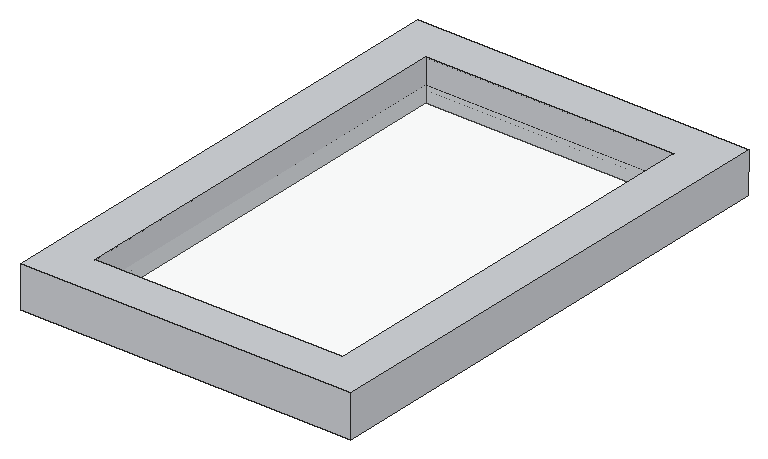
Revit family "PHLS Skylight", category Windows, host Roof, Revit 2018 (continued)
Definition of nested family "oReveal Left Side Text - Elevation"
  Lines and regions (mm)
    Filled region 11, type "Solid Fill - Blue", in view "Ref. Level"
      outline origin (241.995, 45, 0) x (1, 0, 0) y (0, 1, 0)
        loop
          line (-188.472, -33.793) -> (-171.96, -33.793) -> (-171.385, -30.991) -> (-184.475, -30.991) -> (-179.913, -8.762) -> (-183.335, -8.762) -> (-188.472, -33.793)
    Filled region 12, type "Solid Fill - Blue", in view "Ref. Level"
      outline origin (264.491, 45, 0) x (1, 0, 0) y (0, 1, 0)
        loop
          line (-188.129, -25.472) -> (-174.751, -25.472)
          spline (-174.751, -25.472) -> (-175.33, -18.793) -> (-178.232, -15.972) -> (-182.297, -15.286) -> (-185.875, -16.235) -> (-188.923, -19.053) -> (-190.829, -22.908) -> (-191.378, -26.678) -> (-190.398, -30.629) -> (-187.637, -33.408) -> (-183.785, -34.191) -> (-179.629, -32.861) -> (-175.591, -27.915)
          line (-175.591, -27.915) -> (-178.628, -27.65)
          spline (-178.628, -27.65) -> (-179.383, -29.083) -> (-180.181, -30.112) -> (-181.08, -30.842) -> (-182.086, -31.328) -> (-183.191, -31.613) -> (-184.325, -31.69) -> (-185.385, -31.524) -> (-186.294, -31.082) -> (-187.053, -30.342) -> (-187.68, -29.283) -> (-188.105, -27.762) -> (-188.129, -25.472)
        loop
          spline (-177.445, -23.161) -> (-177.526, -21.224) -> (-177.805, -19.993) -> (-178.317, -19.083) -> (-179.061, -18.396) -> (-179.944, -17.928) -> (-180.872, -17.685) -> (-181.802, -17.626) -> (-182.746, -17.748) -> (-183.806, -18.125) -> (-185.057, -18.884) -> (-186.406, -20.407) -> (-187.699, -23.161)
          line (-187.699, -23.161) -> (-177.445, -23.161)
    Filled region 13, type "Solid Fill - Blue", in view "Ref. Level"
      outline origin (363.086, 45, 0) x (1, 0, 0) y (0, 1, 0)
        loop
          line (-188.129, -25.472) -> (-174.751, -25.472)
          spline (-174.751, -25.472) -> (-175.33, -18.793) -> (-178.232, -15.972) -> (-182.297, -15.286) -> (-185.875, -16.235) -> (-188.923, -19.053) -> (-190.829, -22.908) -> (-191.378, -26.678) -> (-190.398, -30.629) -> (-187.637, -33.408) -> (-183.785, -34.191) -> (-179.629, -32.861) -> (-175.591, -27.915)
          line (-175.591, -27.915) -> (-178.628, -27.65)
          spline (-178.628, -27.65) -> (-179.383, -29.083) -> (-180.181, -30.112) -> (-181.08, -30.842) -> (-182.086, -31.328) -> (-183.191, -31.613) -> (-184.325, -31.69) -> (-185.385, -31.524) -> (-186.294, -31.082) -> (-187.053, -30.342) -> (-187.68, -29.283) -> (-188.105, -27.762) -> (-188.129, -25.472)
        loop
          spline (-177.445, -23.161) -> (-177.526, -21.224) -> (-177.805, -19.993) -> (-178.317, -19.083) -> (-179.061, -18.396) -> (-179.944, -17.928) -> (-180.872, -17.685) -> (-181.802, -17.626) -> (-182.746, -17.748) -> (-183.806, -18.125) -> (-185.057, -18.884) -> (-186.406, -20.407) -> (-187.699, -23.161)
          line (-187.699, -23.161) -> (-177.445, -23.161)
    Filled region 14, type "Solid Fill - Blue", in view "Ref. Level"
      outline origin (352.658, 45, 0) x (1, 0, 0) y (0, 1, 0)
        loop
          line (-189.097, -33.793) -> (-186.143, -33.793) -> (-181.007, -8.762) -> (-183.96, -8.762) -> (-185.992, -18.666)
          spline (-185.992, -18.666) -> (-189.018, -15.645) -> (-191.89, -15.318) -> (-194.745, -16.312) -> (-197.017, -18.256) -> (-198.758, -21.005) -> (-199.707, -23.911) -> (-199.98, -27.227) -> (-199.492, -30.174) -> (-197.974, -32.627) -> (-195.435, -34.052) -> (-192.553, -33.977) -> (-188.596, -31.353)
          line (-188.596, -31.353) -> (-189.097, -33.793)
        loop
          spline (-187.074, -23.939) -> (-187.766, -19.434) -> (-189.652, -17.96) -> (-191.978, -17.855) -> (-193.982, -19.036) -> (-195.419, -21.043) -> (-196.57, -23.675) -> (-197.008, -26.615) -> (-196.558, -29.314) -> (-195.29, -31.127) -> (-193.225, -31.745) -> (-190.995, -31.199) -> (-187.564, -26.326)
          line (-187.564, -26.326) -> (-187.074, -23.939)
    Filled region 15, type "Solid Fill - Blue", in view "Ref. Level"
      outline origin (280.66, 45, 0) x (1, 0, 0) y (0, 1, 0)
        loop
          line (-188.472, -33.793) -> (-185.362, -33.793) -> (-182.128, -18.033) -> (-178.684, -18.033) -> (-178.196, -15.651) -> (-181.639, -15.651) -> (-181.13, -13.171)
          spline (-181.13, -13.171) -> (-180.875, -12.394) -> (-180.648, -11.881) -> (-180.425, -11.557) -> (-180.185, -11.35) -> (-179.912, -11.208) -> (-179.604, -11.12) -> (-179.257, -11.078) -> (-178.871, -11.074) -> (-178.428, -11.106) -> (-177.895, -11.181) -> (-177.234, -11.306) -> (-176.412, -11.487)
          line (-176.412, -11.487) -> (-175.837, -8.781)
          spline (-175.837, -8.781) -> (-177.104, -8.532) -> (-178.088, -8.382) -> (-178.945, -8.3) -> (-179.74, -8.286) -> (-180.49, -8.36) -> (-181.202, -8.535) -> (-181.855, -8.805) -> (-182.425, -9.164) -> (-182.908, -9.62) -> (-183.321, -10.204) -> (-183.703, -11.082) -> (-184.151, -12.738)
          line (-184.151, -12.738) -> (-184.748, -15.651) -> (-187.516, -15.651) -> (-188.004, -18.033) -> (-185.237, -18.033) -> (-188.472, -33.793)
    Filled region 16, type "Solid Fill - Blue", in view "Ref. Level"
      outline origin (290.66, 45, 0) x (1, 0, 0) y (0, 1, 0)
        loop
          spline (-188.225, -31.068) -> (-188.142, -32.2) -> (-187.85, -32.743) -> (-187.548, -33.075) -> (-187.215, -33.366) -> (-186.817, -33.641) -> (-186.334, -33.851) -> (-185.8, -33.988) -> (-185.279, -34.07) -> (-184.77, -34.11) -> (-184.203, -34.117) -> (-183.457, -34.057) -> (-182.296, -33.793)
          line (-182.296, -33.793) -> (-181.778, -31.268)
          spline (-181.778, -31.268) -> (-182.615, -31.431) -> (-183.256, -31.506) -> (-183.748, -31.513) -> (-184.131, -31.466) -> (-184.428, -31.371) -> (-184.66, -31.233) -> (-184.832, -31.045) -> (-184.939, -30.798) -> (-184.983, -30.489) -> (-184.981, -30.117) -> (-184.902, -29.552) -> (-184.676, -28.55)
          line (-184.676, -28.55) -> (-182.44, -18.033) -> (-179.466, -18.033) -> (-178.977, -15.651) -> (-181.952, -15.651) -> (-180.595, -9.043) -> (-184.142, -11.174) -> (-185.061, -15.651) -> (-187.516, -15.651) -> (-188.004, -18.033) -> (-185.55, -18.033) -> (-188.225, -31.068)
    Filled region 17, type "Solid Fill - Blue", in view "Ref. Level"
      outline origin (331.507, 45, 0) x (1, 0, 0) y (0, 1, 0)
        loop
          line (-187.046, -33.813) -> (-183.92, -33.813) -> (-180.059, -15.651) -> (-183.186, -15.651) -> (-187.046, -33.813)
        loop
          line (-178.662, -8.76) -> (-181.772, -8.76) -> (-182.479, -12.206) -> (-179.369, -12.206) -> (-178.662, -8.76)
    Filled region 18, type "Solid Fill - Blue", in view "Ref. Level"
      outline origin (314.652, 45, 0) x (1, 0, 0) y (0, 1, 0)
        loop
          spline (-191.902, -25.696) -> (-188.873, -32.573) -> (-184.7, -34.054) -> (-179.1, -33.911) -> (-174.626, -31.632) -> (-172.605, -27.747) -> (-173.701, -23.276) -> (-177.807, -20.444) -> (-183.106, -18.033) -> (-185.511, -14.656) -> (-182.77, -11.452) -> (-177.656, -11.4) -> (-174.053, -16.091)
          line (-174.053, -16.091) -> (-170.823, -15.809)
          spline (-170.823, -15.809) -> (-173.206, -10.35) -> (-177.749, -8.428) -> (-183.329, -8.698) -> (-187.292, -10.915) -> (-188.76, -15.635) -> (-186.187, -19.894) -> (-181.292, -22.401) -> (-176.599, -25.193) -> (-176.643, -29.277) -> (-181.021, -31.416) -> (-186.304, -30.526) -> (-188.603, -25.407)
          line (-188.603, -25.407) -> (-191.902, -25.696)
    Filled region 19, type "Solid Fill - Blue", in view "Ref. Level"
      outline origin (111.643, 44.7, 0) x (1, 0, 0) y (0, 1, 0)
        loop
          spline (-187.2, -31.928) -> (-185.814, -32.036) -> (-184.391, -31.647) -> (-183.027, -30.787) -> (-181.817, -29.514) -> (-180.842, -27.915) -> (-180.169, -26.1) -> (-179.844, -24.191) -> (-179.889, -22.319) -> (-180.301, -20.612) -> (-181.051, -19.185) -> (-182.089, -18.136) -> (-183.345, -17.537)
          spline (-183.345, -17.537) -> (-184.731, -17.428) -> (-186.154, -17.818) -> (-187.518, -18.678) -> (-188.728, -19.951) -> (-189.703, -21.549) -> (-190.376, -23.365) -> (-190.701, -25.274) -> (-190.656, -27.146) -> (-190.244, -28.853) -> (-189.494, -30.28) -> (-188.455, -31.328) -> (-187.2, -31.928)
        loop
          spline (-187.969, -34.137) -> (-185.791, -34.414) -> (-183.578, -34.032) -> (-181.481, -33.016) -> (-179.642, -31.436) -> (-178.186, -29.399) -> (-177.214, -27.043) -> (-176.79, -24.53) -> (-176.945, -22.031) -> (-177.667, -19.717) -> (-178.908, -17.743) -> (-180.582, -16.247) -> (-182.576, -15.328)
          spline (-182.576, -15.328) -> (-184.753, -15.05) -> (-186.967, -15.433) -> (-189.064, -16.448) -> (-190.903, -18.029) -> (-192.359, -20.066) -> (-193.331, -22.422) -> (-193.755, -24.934) -> (-193.6, -27.433) -> (-192.878, -29.748) -> (-191.637, -31.721) -> (-189.963, -33.218) -> (-187.969, -34.137)
Definition of nested family "oReveal Right Side Text - Elevation"
  Reference planes
    plane 1 "Center (Front/Back)": y = 0
    plane 2: z = 0
    plane 3 "Center (Left/Right)": x = 0
  Lines and regions (mm)
    Filled region 1, type "Solid Fill - Blue", in view "Ref. Level"
      outline origin (-11.25, 45, 0) x (1, 0, 0) y (0, 1, 0)
        loop
          line (-188.472, -33.793) -> (-185.05, -33.793) -> (-182.961, -23.613) -> (-175.674, -23.613)
          spline (-175.674, -23.613) -> (-171.33, -22.908) -> (-169.791, -22.309) -> (-168.405, -21.311) -> (-167.201, -20.024) -> (-166.317, -18.518) -> (-165.768, -16.888) -> (-165.579, -15.289) -> (-165.618, -13.63) -> (-166.119, -11.979) -> (-167.07, -10.588) -> (-168.322, -9.573) -> (-171.627, -8.762)
          line (-171.627, -8.762) -> (-183.335, -8.762) -> (-188.472, -33.793)
        loop
          line (-180.453, -11.396) -> (-182.387, -20.819) -> (-175.67, -20.819)
          spline (-175.67, -20.819) -> (-172.662, -20.274) -> (-171.624, -19.818) -> (-170.758, -19.233) -> (-170.01, -18.47) -> (-169.367, -17.36) -> (-168.916, -16.205) -> (-168.749, -15.161) -> (-168.855, -14.116) -> (-169.161, -13.156) -> (-169.994, -12.16) -> (-170.911, -11.709) -> (-173.495, -11.396)
          line (-173.495, -11.396) -> (-180.453, -11.396)
    Filled region 2, type "Solid Fill - Blue", in view "Ref. Level"
      outline origin (11.961, 45, 0) x (1, 0, 0) y (0, 1, 0)
        loop
          line (-188.472, -33.793) -> (-185.05, -33.793) -> (-182.624, -21.973) -> (-169.658, -21.973) -> (-172.083, -33.793) -> (-168.661, -33.793) -> (-163.525, -8.762) -> (-166.947, -8.762) -> (-169.084, -19.178) -> (-182.05, -19.178) -> (-179.913, -8.762) -> (-183.335, -8.762) -> (-188.472, -33.793)
    Filled region 3, type "Solid Fill - Blue", in view "Ref. Level"
      outline origin (37.164, 45, 0) x (1, 0, 0) y (0, 1, 0)
        loop
          line (-188.472, -33.793) -> (-185.05, -33.793) -> (-182.961, -23.613) -> (-175.674, -23.613)
          spline (-175.674, -23.613) -> (-171.33, -22.908) -> (-169.791, -22.309) -> (-168.405, -21.311) -> (-167.201, -20.024) -> (-166.317, -18.518) -> (-165.768, -16.888) -> (-165.579, -15.289) -> (-165.618, -13.63) -> (-166.119, -11.979) -> (-167.07, -10.588) -> (-168.322, -9.573) -> (-171.627, -8.762)
          line (-171.627, -8.762) -> (-183.335, -8.762) -> (-188.472, -33.793)
        loop
          line (-180.453, -11.396) -> (-182.387, -20.819) -> (-175.67, -20.819)
          spline (-175.67, -20.819) -> (-172.662, -20.274) -> (-171.624, -19.818) -> (-170.758, -19.233) -> (-170.01, -18.47) -> (-169.367, -17.36) -> (-168.916, -16.205) -> (-168.749, -15.161) -> (-168.855, -14.116) -> (-169.161, -13.156) -> (-169.994, -12.16) -> (-170.911, -11.709) -> (-173.495, -11.396)
          line (-173.495, -11.396) -> (-180.453, -11.396)
    Filled region 4, type "Solid Fill - Blue", in view "Ref. Level"
      outline origin (60.229, 45, 0) x (1, 0, 0) y (0, 1, 0)
        loop
          line (-188.472, -33.793) -> (-185.05, -33.793) -> (-182.961, -23.613) -> (-175.674, -23.613)
          spline (-175.674, -23.613) -> (-171.33, -22.908) -> (-169.791, -22.309) -> (-168.405, -21.311) -> (-167.201, -20.024) -> (-166.317, -18.518) -> (-165.768, -16.888) -> (-165.579, -15.289) -> (-165.618, -13.63) -> (-166.119, -11.979) -> (-167.07, -10.588) -> (-168.322, -9.573) -> (-171.627, -8.762)
          line (-171.627, -8.762) -> (-183.335, -8.762) -> (-188.472, -33.793)
        loop
          line (-180.453, -11.396) -> (-182.387, -20.819) -> (-175.67, -20.819)
          spline (-175.67, -20.819) -> (-172.662, -20.274) -> (-171.624, -19.818) -> (-170.758, -19.233) -> (-170.01, -18.47) -> (-169.367, -17.36) -> (-168.916, -16.205) -> (-168.749, -15.161) -> (-168.855, -14.116) -> (-169.161, -13.156) -> (-169.994, -12.16) -> (-170.911, -11.709) -> (-173.495, -11.396)
          line (-173.495, -11.396) -> (-180.453, -11.396)
    Filled region 5, type "Solid Fill - Blue", in view "Ref. Level"
      outline origin (112.67, 45, 0) x (1, 0, 0) y (0, 1, 0)
        loop
          line (-188.472, -33.793) -> (-185.05, -33.793) -> (-182.768, -22.676) -> (-178.749, -22.676)
          spline (-178.749, -22.676) -> (-177.093, -22.836) -> (-175.853, -23.268) -> (-174.945, -23.899) -> (-174.288, -24.657) -> (-173.796, -25.469) -> (-173.389, -26.266) -> (-173.006, -27.05) -> (-172.612, -27.905) -> (-172.172, -28.918) -> (-171.652, -30.178) -> (-171.017, -31.774) -> (-170.235, -33.793)
          line (-170.235, -33.793) -> (-166.55, -33.793)
          spline (-166.55, -33.793) -> (-167.221, -32.11) -> (-167.783, -30.698) -> (-168.262, -29.514) -> (-168.682, -28.512) -> (-169.068, -27.647) -> (-169.446, -26.874) -> (-169.84, -26.149) -> (-170.279, -25.44) -> (-170.789, -24.735) -> (-171.402, -24.023) -> (-172.145, -23.293) -> (-173.048, -22.536)
          spline (-173.048, -22.536) -> (-169.187, -21.607) -> (-167.872, -20.91) -> (-166.626, -19.99) -> (-165.691, -18.809) -> (-165.041, -17.479) -> (-164.64, -16.087) -> (-164.569, -14.41) -> (-164.781, -12.941) -> (-165.311, -11.614) -> (-166.271, -10.347) -> (-167.333, -9.51) -> (-170.221, -8.762)
          line (-170.221, -8.762) -> (-183.335, -8.762) -> (-188.472, -33.793)
        loop
          line (-180.453, -11.396) -> (-182.195, -19.881) -> (-174.048, -19.881)
          spline (-174.048, -19.881) -> (-171.339, -19.39) -> (-170.403, -18.98) -> (-169.624, -18.453) -> (-168.951, -17.766) -> (-168.372, -16.767) -> (-167.965, -15.727) -> (-167.815, -14.787) -> (-167.91, -13.846) -> (-168.186, -12.981) -> (-168.936, -12.084) -> (-169.762, -11.678) -> (-172.089, -11.396)
          line (-172.089, -11.396) -> (-180.453, -11.396)
    Filled region 6, type "Solid Fill - Blue", in view "Ref. Level"
      outline origin (140.799, 45, 0) x (1, 0, 0) y (0, 1, 0)
        loop
          line (-188.129, -25.472) -> (-174.751, -25.472)
          spline (-174.751, -25.472) -> (-175.33, -18.793) -> (-178.232, -15.972) -> (-182.297, -15.286) -> (-185.875, -16.235) -> (-188.923, -19.053) -> (-190.829, -22.908) -> (-191.378, -26.678) -> (-190.398, -30.629) -> (-187.637, -33.408) -> (-183.785, -34.191) -> (-179.629, -32.861) -> (-175.591, -27.915)
          line (-175.591, -27.915) -> (-178.628, -27.65)
          spline (-178.628, -27.65) -> (-179.383, -29.083) -> (-180.181, -30.112) -> (-181.08, -30.842) -> (-182.086, -31.328) -> (-183.191, -31.613) -> (-184.325, -31.69) -> (-185.385, -31.524) -> (-186.294, -31.082) -> (-187.053, -30.342) -> (-187.68, -29.283) -> (-188.105, -27.762) -> (-188.129, -25.472)
        loop
          spline (-177.445, -23.161) -> (-177.526, -21.224) -> (-177.805, -19.993) -> (-178.317, -19.083) -> (-179.061, -18.396) -> (-179.944, -17.928) -> (-180.872, -17.685) -> (-181.802, -17.626) -> (-182.746, -17.748) -> (-183.806, -18.125) -> (-185.057, -18.884) -> (-186.406, -20.407) -> (-187.699, -23.161)
          line (-187.699, -23.161) -> (-177.445, -23.161)
    Filled region 7, type "Solid Fill - Blue", in view "Ref. Level"
      outline origin (177.936, 45, 0) x (1, 0, 0) y (0, 1, 0)
        loop
          line (-188.129, -25.472) -> (-174.751, -25.472)
          spline (-174.751, -25.472) -> (-175.33, -18.793) -> (-178.232, -15.972) -> (-182.297, -15.286) -> (-185.875, -16.235) -> (-188.923, -19.053) -> (-190.829, -22.908) -> (-191.378, -26.678) -> (-190.398, -30.629) -> (-187.637, -33.408) -> (-183.785, -34.191) -> (-179.629, -32.861) -> (-175.591, -27.915)
          line (-175.591, -27.915) -> (-178.628, -27.65)
          spline (-178.628, -27.65) -> (-179.383, -29.083) -> (-180.181, -30.112) -> (-181.08, -30.842) -> (-182.086, -31.328) -> (-183.191, -31.613) -> (-184.325, -31.69) -> (-185.385, -31.524) -> (-186.294, -31.082) -> (-187.053, -30.342) -> (-187.68, -29.283) -> (-188.105, -27.762) -> (-188.129, -25.472)
        loop
          spline (-177.445, -23.161) -> (-177.526, -21.224) -> (-177.805, -19.993) -> (-178.317, -19.083) -> (-179.061, -18.396) -> (-179.944, -17.928) -> (-180.872, -17.685) -> (-181.802, -17.626) -> (-182.746, -17.748) -> (-183.806, -18.125) -> (-185.057, -18.884) -> (-186.406, -20.407) -> (-187.699, -23.161)
          line (-187.699, -23.161) -> (-177.445, -23.161)
    Filled region 8, type "Solid Fill - Blue", in view "Ref. Level"
      outline origin (162.443, 45, 0) x (1, 0, 0) y (0, 1, 0)
        loop
          line (-189.88, -33.819) -> (-186.425, -33.819) -> (-175.939, -15.656) -> (-179.19, -15.656) -> (-187.655, -30.927) -> (-189.88, -15.656) -> (-192.832, -15.656) -> (-189.88, -33.819)
    Filled region 9, type "Solid Fill - Blue", in view "Ref. Level"
      outline origin (197.496, 45, 0) x (1, 0, 0) y (0, 1, 0)
        loop
          spline (-176.731, -33.81) -> (-177.048, -30.756) -> (-176.568, -27.729) -> (-175.862, -24.428) -> (-175.296, -21.761) -> (-175.209, -19.472) -> (-176.174, -17.323) -> (-178.088, -15.946) -> (-180.408, -15.324) -> (-183.076, -15.244) -> (-185.871, -15.924) -> (-188.445, -17.662) -> (-190.254, -20.766)
          line (-190.254, -20.766) -> (-187.177, -21.036)
          spline (-187.177, -21.036) -> (-186.217, -19.367) -> (-185.166, -18.49) -> (-184.123, -18.053) -> (-183.14, -17.828) -> (-182.213, -17.753) -> (-181.329, -17.788) -> (-180.488, -17.931) -> (-179.696, -18.205) -> (-178.989, -18.646) -> (-178.457, -19.328) -> (-178.242, -20.429) -> (-178.61, -22.434)
          spline (-178.61, -22.434) -> (-182.106, -22.969) -> (-185.94, -23.268) -> (-188.411, -23.836) -> (-190.183, -24.81) -> (-191.466, -26.329) -> (-192.072, -28.375) -> (-191.785, -30.63) -> (-190.666, -32.589) -> (-188.815, -33.834) -> (-186.625, -34.269) -> (-184.308, -33.979) -> (-180.197, -31.547)
          line (-180.197, -31.547) -> (-179.837, -33.81) -> (-176.731, -33.81)
        loop
          arc (-179.062, -24.59) -> (-179.61, -24.797) -> (-180.176, -24.947) r 5.632
          spline (-180.176, -24.947) -> (-183.054, -25.289) -> (-185.569, -25.599) -> (-187.565, -26.26) -> (-188.711, -27.474) -> (-189.006, -29.249) -> (-188.323, -30.798) -> (-186.742, -31.691) -> (-184.734, -31.772) -> (-182.898, -31.193) -> (-181.336, -30.093) -> (-180.13, -28.385) -> (-179.062, -24.59)
    Filled region 10, type "Solid Fill - Blue", in view "Ref. Level"
      outline origin (212.589, 45, 0) x (1, 0, 0) y (0, 1, 0)
        loop
          line (-188.472, -33.793) -> (-185.362, -33.793) -> (-180.225, -8.762) -> (-183.335, -8.762) -> (-188.472, -33.793)
    Filled region 11, type "Solid Fill - Blue", in view "Ref. Level"
      outline origin (374.336, 45, 0) x (1, 0, 0) y (0, 1, 0)
        loop
          line (-188.129, -25.472) -> (-174.751, -25.472)
          spline (-174.751, -25.472) -> (-175.33, -18.793) -> (-178.232, -15.972) -> (-182.297, -15.286) -> (-185.875, -16.235) -> (-188.923, -19.053) -> (-190.829, -22.908) -> (-191.378, -26.678) -> (-190.398, -30.629) -> (-187.637, -33.408) -> (-183.785, -34.191) -> (-179.629, -32.861) -> (-175.591, -27.915)
          line (-175.591, -27.915) -> (-178.628, -27.65)
          spline (-178.628, -27.65) -> (-179.383, -29.083) -> (-180.181, -30.112) -> (-181.08, -30.842) -> (-182.086, -31.328) -> (-183.191, -31.613) -> (-184.325, -31.69) -> (-185.385, -31.524) -> (-186.294, -31.082) -> (-187.053, -30.342) -> (-187.68, -29.283) -> (-188.105, -27.762) -> (-188.129, -25.472)
        loop
          spline (-177.445, -23.161) -> (-177.526, -21.224) -> (-177.805, -19.993) -> (-178.317, -19.083) -> (-179.061, -18.396) -> (-179.944, -17.928) -> (-180.872, -17.685) -> (-181.802, -17.626) -> (-182.746, -17.748) -> (-183.806, -18.125) -> (-185.057, -18.884) -> (-186.406, -20.407) -> (-187.699, -23.161)
          line (-187.699, -23.161) -> (-177.445, -23.161)
    Filled region 12, type "Solid Fill - Blue", in view "Ref. Level"
      outline origin (363.908, 45, 0) x (1, 0, 0) y (0, 1, 0)
        loop
          line (-189.097, -33.793) -> (-186.143, -33.793) -> (-181.007, -8.762) -> (-183.96, -8.762) -> (-185.992, -18.666)
          spline (-185.992, -18.666) -> (-189.018, -15.645) -> (-191.89, -15.318) -> (-194.745, -16.312) -> (-197.017, -18.256) -> (-198.758, -21.005) -> (-199.707, -23.911) -> (-199.98, -27.227) -> (-199.492, -30.174) -> (-197.974, -32.627) -> (-195.435, -34.052) -> (-192.553, -33.977) -> (-188.596, -31.353)
          line (-188.596, -31.353) -> (-189.097, -33.793)
        loop
          spline (-187.074, -23.939) -> (-187.766, -19.434) -> (-189.652, -17.96) -> (-191.978, -17.855) -> (-193.982, -19.036) -> (-195.419, -21.043) -> (-196.57, -23.675) -> (-197.008, -26.615) -> (-196.558, -29.314) -> (-195.29, -31.127) -> (-193.225, -31.745) -> (-190.995, -31.199) -> (-187.564, -26.326)
          line (-187.564, -26.326) -> (-187.074, -23.939)
    Filled region 13, type "Solid Fill - Blue", in view "Ref. Level"
      outline origin (301.91, 45, 0) x (1, 0, 0) y (0, 1, 0)
        loop
          spline (-188.225, -31.068) -> (-188.142, -32.2) -> (-187.85, -32.743) -> (-187.548, -33.075) -> (-187.215, -33.366) -> (-186.817, -33.641) -> (-186.334, -33.851) -> (-185.8, -33.988) -> (-185.279, -34.07) -> (-184.77, -34.11) -> (-184.203, -34.117) -> (-183.457, -34.057) -> (-182.296, -33.793)
          line (-182.296, -33.793) -> (-181.778, -31.268)
          spline (-181.778, -31.268) -> (-182.615, -31.431) -> (-183.256, -31.506) -> (-183.748, -31.513) -> (-184.131, -31.466) -> (-184.428, -31.371) -> (-184.66, -31.233) -> (-184.832, -31.045) -> (-184.939, -30.798) -> (-184.983, -30.489) -> (-184.981, -30.117) -> (-184.902, -29.552) -> (-184.676, -28.55)
          line (-184.676, -28.55) -> (-182.44, -18.033) -> (-179.466, -18.033) -> (-178.977, -15.651) -> (-181.952, -15.651) -> (-180.595, -9.043) -> (-184.142, -11.174) -> (-185.061, -15.651) -> (-187.516, -15.651) -> (-188.004, -18.033) -> (-185.55, -18.033) -> (-188.225, -31.068)
    Filled region 14, type "Solid Fill - Blue", in view "Ref. Level"
      outline origin (342.757, 45, 0) x (1, 0, 0) y (0, 1, 0)
        loop
          line (-187.046, -33.813) -> (-183.92, -33.813) -> (-180.059, -15.651) -> (-183.186, -15.651) -> (-187.046, -33.813)
        loop
          line (-178.662, -8.76) -> (-181.772, -8.76) -> (-182.479, -12.206) -> (-179.369, -12.206) -> (-178.662, -8.76)
    Filled region 15, type "Solid Fill - Blue", in view "Ref. Level"
      outline origin (325.902, 45, 0) x (1, 0, 0) y (0, 1, 0)
        loop
          spline (-191.902, -25.696) -> (-188.873, -32.573) -> (-184.7, -34.054) -> (-179.1, -33.911) -> (-174.626, -31.632) -> (-172.605, -27.747) -> (-173.701, -23.276) -> (-177.807, -20.444) -> (-183.106, -18.033) -> (-185.511, -14.656) -> (-182.77, -11.452) -> (-177.656, -11.4) -> (-174.053, -16.091)
          line (-174.053, -16.091) -> (-170.823, -15.809)
          spline (-170.823, -15.809) -> (-173.206, -10.35) -> (-177.749, -8.428) -> (-183.329, -8.698) -> (-187.292, -10.915) -> (-188.76, -15.635) -> (-186.187, -19.894) -> (-181.292, -22.401) -> (-176.599, -25.193) -> (-176.643, -29.277) -> (-181.021, -31.416) -> (-186.304, -30.526) -> (-188.603, -25.407)
          line (-188.603, -25.407) -> (-191.902, -25.696)
    Filled region 16, type "Solid Fill - Blue", in view "Ref. Level"
      outline origin (231.047, 45, 0) x (1, 0, 0) y (0, 1, 0)
        loop
          line (-188.472, -33.793) -> (-185.05, -33.793) -> (-182.768, -22.676) -> (-178.749, -22.676)
          spline (-178.749, -22.676) -> (-177.093, -22.836) -> (-175.853, -23.268) -> (-174.945, -23.899) -> (-174.288, -24.657) -> (-173.796, -25.469) -> (-173.389, -26.266) -> (-173.006, -27.05) -> (-172.612, -27.905) -> (-172.172, -28.918) -> (-171.652, -30.178) -> (-171.017, -31.774) -> (-170.235, -33.793)
          line (-170.235, -33.793) -> (-166.55, -33.793)
          spline (-166.55, -33.793) -> (-167.221, -32.11) -> (-167.783, -30.698) -> (-168.262, -29.514) -> (-168.682, -28.512) -> (-169.068, -27.647) -> (-169.446, -26.874) -> (-169.84, -26.149) -> (-170.279, -25.44) -> (-170.789, -24.735) -> (-171.402, -24.023) -> (-172.145, -23.293) -> (-173.048, -22.536)
          spline (-173.048, -22.536) -> (-169.187, -21.607) -> (-167.872, -20.91) -> (-166.626, -19.99) -> (-165.691, -18.809) -> (-165.041, -17.479) -> (-164.64, -16.087) -> (-164.569, -14.41) -> (-164.781, -12.941) -> (-165.311, -11.614) -> (-166.271, -10.347) -> (-167.333, -9.51) -> (-170.221, -8.762)
          line (-170.221, -8.762) -> (-183.335, -8.762) -> (-188.472, -33.793)
        loop
          line (-180.453, -11.396) -> (-182.195, -19.881) -> (-174.048, -19.881)
          spline (-174.048, -19.881) -> (-171.339, -19.39) -> (-170.403, -18.98) -> (-169.624, -18.453) -> (-168.951, -17.766) -> (-168.372, -16.767) -> (-167.965, -15.727) -> (-167.815, -14.787) -> (-167.91, -13.846) -> (-168.186, -12.981) -> (-168.936, -12.084) -> (-169.762, -11.678) -> (-172.089, -11.396)
          line (-172.089, -11.396) -> (-180.453, -11.396)
    Filled region 17, type "Solid Fill - Blue", in view "Ref. Level"
      outline origin (254.228, 45, 0) x (1, 0, 0) y (0, 1, 0)
        loop
          line (-187.046, -33.813) -> (-183.92, -33.813) -> (-180.059, -15.651) -> (-183.186, -15.651) -> (-187.046, -33.813)
        loop
          line (-178.662, -8.76) -> (-181.772, -8.76) -> (-182.479, -12.206) -> (-179.369, -12.206) -> (-178.662, -8.76)
    Filled region 18, type "Solid Fill - Blue", in view "Ref. Level"
      outline origin (273.129, 45, 0) x (1, 0, 0) y (0, 1, 0)
        loop
          line (-180.059, -15.651) -> (-182.873, -15.651) -> (-183.507, -18.631)
          spline (-183.507, -18.631) -> (-187.01, -15.474) -> (-189.921, -15.283) -> (-192.548, -16.16) -> (-194.909, -18.032) -> (-196.766, -20.673) -> (-197.861, -23.651) -> (-198.089, -26.745) -> (-197.453, -29.77) -> (-195.976, -32.014) -> (-193.714, -33.506) -> (-190.414, -33.658) -> (-186.497, -31.375)
          spline (-186.497, -31.375) -> (-187.176, -34.352) -> (-187.597, -35.867) -> (-188.052, -36.823) -> (-188.69, -37.524) -> (-189.569, -38.048) -> (-190.623, -38.384) -> (-191.767, -38.529) -> (-192.924, -38.517) -> (-193.958, -38.361) -> (-194.751, -38.029) -> (-195.45, -37.333) -> (-195.731, -35.767)
          line (-195.731, -35.767) -> (-198.821, -35.466)
          spline (-198.821, -35.466) -> (-198.736, -37.55) -> (-198.091, -39.018) -> (-196.931, -40.043) -> (-195.401, -40.659) -> (-193.776, -40.988) -> (-192.164, -41.084) -> (-190.591, -40.969) -> (-189.102, -40.652) -> (-187.722, -40.101) -> (-186.377, -39.083) -> (-185.025, -37.23) -> (-183.92, -33.813)
          line (-183.92, -33.813) -> (-180.059, -15.651)
        loop
          spline (-191.883, -31.164) -> (-190.589, -31.311) -> (-189.243, -30.995) -> (-187.939, -30.237) -> (-186.765, -29.087) -> (-185.801, -27.626) -> (-185.113, -25.951) -> (-184.747, -24.178) -> (-184.729, -22.427) -> (-185.06, -20.818) -> (-185.717, -19.46) -> (-186.655, -18.445) -> (-187.811, -17.844)
          spline (-187.811, -17.844) -> (-189.106, -17.696) -> (-190.451, -18.012) -> (-191.755, -18.771) -> (-192.93, -19.92) -> (-193.894, -21.382) -> (-194.582, -23.056) -> (-194.948, -24.829) -> (-194.966, -26.58) -> (-194.635, -28.189) -> (-193.978, -29.548) -> (-193.039, -30.562) -> (-191.883, -31.164)
    Filled region 19, type "Solid Fill - Blue", in view "Ref. Level"
      outline origin (280.845, 45, 0) x (1, 0, 0) y (0, 1, 0)
        loop
          line (-187.203, -33.813) -> (-184.076, -33.813) -> (-182.029, -24.183)
          spline (-182.029, -24.183) -> (-181.055, -21.496) -> (-180.114, -19.985) -> (-179.213, -19.156) -> (-178.355, -18.578) -> (-177.493, -18.149) -> (-176.57, -17.875) -> (-175.595, -17.762) -> (-174.69, -17.814) -> (-173.937, -18.051) -> (-173.31, -18.53) -> (-172.9, -19.34) -> (-173.029, -21.034)
          line (-173.029, -21.034) -> (-175.745, -33.813) -> (-172.618, -33.813) -> (-170.184, -22.361)
          spline (-170.184, -22.361) -> (-169.793, -19.618) -> (-169.966, -18.045) -> (-170.478, -17.066) -> (-171.158, -16.393) -> (-171.899, -15.878) -> (-172.776, -15.508) -> (-173.861, -15.299) -> (-175.038, -15.27) -> (-176.173, -15.439) -> (-177.283, -15.818) -> (-178.473, -16.46) -> (-180.15, -17.713)
          line (-180.15, -17.713) -> (-180.789, -18.352) -> (-178.751, -8.76) -> (-181.877, -8.76) -> (-187.203, -33.813)
    Filled region 20, type "Solid Fill - Blue", in view "Ref. Level"
      outline origin (98.855, 44.647, 0) x (1, 0, 0) y (0, 1, 0)
        loop
          spline (-185.95, -31.303) -> (-184.564, -31.411) -> (-183.141, -31.022) -> (-181.777, -30.162) -> (-180.567, -28.889) -> (-179.592, -27.29) -> (-178.919, -25.475) -> (-178.594, -23.566) -> (-178.639, -21.694) -> (-179.051, -19.987) -> (-179.801, -18.56) -> (-180.839, -17.511) -> (-182.095, -16.912)
          spline (-182.095, -16.912) -> (-183.481, -16.803) -> (-184.904, -17.193) -> (-186.268, -18.053) -> (-187.478, -19.326) -> (-188.453, -20.924) -> (-189.126, -22.74) -> (-189.451, -24.649) -> (-189.406, -26.521) -> (-188.994, -28.228) -> (-188.244, -29.655) -> (-187.205, -30.703) -> (-185.95, -31.303)
        loop
          spline (-186.719, -33.512) -> (-184.541, -33.789) -> (-182.328, -33.407) -> (-180.231, -32.391) -> (-178.392, -30.811) -> (-176.936, -28.774) -> (-175.964, -26.418) -> (-175.54, -23.905) -> (-175.695, -21.406) -> (-176.417, -19.092) -> (-177.658, -17.118) -> (-179.332, -15.622) -> (-181.326, -14.703)
          spline (-181.326, -14.703) -> (-183.503, -14.425) -> (-185.717, -14.808) -> (-187.814, -15.823) -> (-189.653, -17.404) -> (-191.109, -19.441) -> (-192.081, -21.797) -> (-192.505, -24.309) -> (-192.35, -26.808) -> (-191.628, -29.123) -> (-190.387, -31.096) -> (-188.713, -32.593) -> (-186.719, -33.512)
